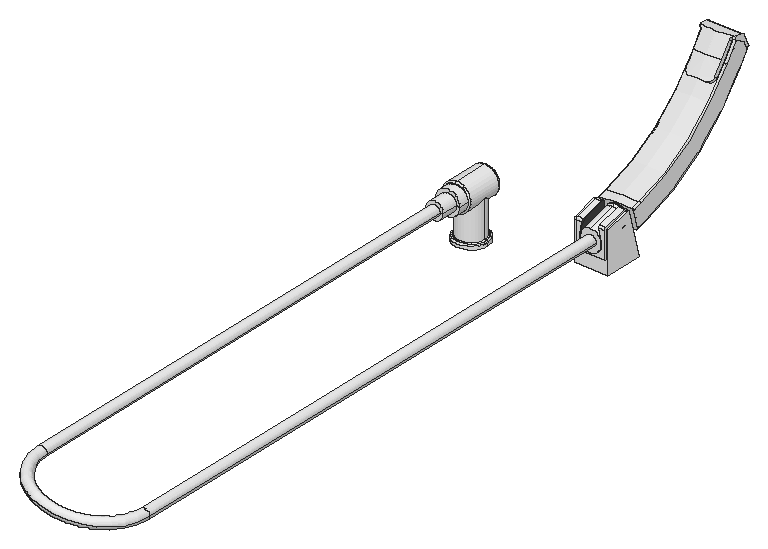
Revit family "Hand-Shower-Set_Transitional_Nexus_TS794F2_TOTO", category Plumbing Fixtures, host Face, Revit 2013
Parameters
  ecoScorecard_data = " "
  ecoScorecard Product Page = "  "
  Width = 0' - 6 5/8"  # constant formula
  Waste Connection = no
  Warranty URL = "http://www.totousa.com/warranty-registration"
  Warranty = "Lifetime Limited Warranty (Residential Use); One Year Limited (Commercial Use)"  # constant formula
  WFU = 0
  Vent Connection = no
  URL = "http://www.totousa.com"
  Toto BIM Number = "BM-00214"  # constant formula
  Tempered Water Connector = "Tempered Water Connection"  # constant formula
  TW Connector = yes
  Tempered Water Connection NPT = 1/2"
  Subcategory = "Showers"  # constant formula
  Style = "Transitional"  # constant formula
  Spec Sheet URL = "http://assets.totousa.com/product-files/SS-00130_TS794F2.pdf"
  Shipping Weight = 3.90 lbf
  Series = "Nexus"  # constant formula
  Product Page URL = " "
  Parts Manual URL = " "
  Owners Manual URL = "  "
  Model = "TS794F2"  # constant formula
  Manufacturer Toll Free Phone = "1-888-295-8134"  # constant formula
  Manufacturer Phone = "(770) 282-8686"  # constant formula
  Manufacturer Fax = "(770) 282-0002"  # constant formula
  Manufacturer Email = "mailto:custservice@totousa.com "
  Manufacturer Address = "1155 Southern Road, Morrow, Georgia 30260"  # constant formula
  Manufacturer = "TOTO USA, Inc."  # constant formula
  Installation URL = " "
  Height = Distance from Center of Handshower Holder to Connection + 0' 7.5748" + 0' 0.92126"  # 0' - 10.49997"
  HWFU = 0
  HW Connection = no
  Flow Rate = 3.000 GPM
  Flexible Hose Main Length [instance] = (5' 0" - ((Distance from Center of Handshower Holder to Connection - 0' 0.97244") + 0' 7.94488" - 0' 0.92126")) / 2  # 2' - 1.97246"
  Finish = Metal - TOTO - Chrome - Polished
  Distance from Center of Handshower Holder to Connection = 0' - 2 1/256"  # constant formula
  Description = "Handshower Set"  # constant formula
  Depth = 0' - 7 1/32"  # constant formula
  Default Elevation = 4' - 0"
  Cost Info = "mailto:custservice@totousa.com "
  Color Availability = "#CP Polished Chrome"  # constant formula
  CWFU = 0
  CW Connection = no
  CAD Drawing URL = "http://assets.totousa.com/product-files/AD-00068_TS794F2.dxf"
  Assembly Code = "D2010710"
  95 CSI = "15416"  # constant formula
  04 CSI = "22 41 39"  # constant formula
Reference planes (in)
  plane 1 "Center (Front/Back)": y = 0
  plane 2: z = 0
  plane 3 "Center (Left/Right)": x = 0
  plane 4: z = 7.03125
  plane 5: x = 3.3125
  plane 6: x = -3.3125
  plane 7: y = 18.07884
  plane 8: z = 2.2126
  plane 9: z = 9.24385
  plane 10: y = 7.57887
Dimensions and locks (in)
  equal spacing: plane 6, plane 3 "Center (Left/Right)", plane 5
  "Width": plane 6 to plane 5
  "Depth": plane 9 to plane 8
  "Height": plane 10 to plane 7
  aligned and locked: plane 2 to host face
  aligned and locked: level to host face
Automatic sketch dimensions
  host sketch curve to host sketch curve = 8' - 0"  (x2)
Nested families (in)
  nested 1: "TS794F2" at (2.47274, 10.50403, 0), Distance from Center of Handshower Holder to Connection <- "Distance from Center of Handshower Holder to Connection", type "Polished Chrome"
    with Nominal Height 0' - 10.49997", Flexible Hose Main Length 2' - 1.97246", Distance from Center of Handshower Holder to Connection 0' - 2 1/256"
Connectors (in)
  piping at (-2.49459, 8.50013, -0.125), driven by "CWFU", driven by "TW Connector", driven by "TW Connector", driven by "Tempered Water Connector", driven by "Tempered Water Connection NPT"
    settings: on nested 1, index 2, connector radius 1/2", flow factor 0, pipe flow 0.000 GPM, pressure drop 0.00 psi, fitting loss kfactor 0, connector angle 0.00°, fixture units 0, engagement length 0' - 0", flow configuration 3, flow direction 1, fitting loss method 0, system type 22, joint type 0, gender type 0, connector reference index -1, connector utility 1, adjustable connector yes, is connector primary yes, fitting loss table "", connector description "Tempered Water Connection"
Definition of nested family "TS794F2"
  Parameters (values of type "Polished Chrome")
    Waste Connection = no
    WFU = 0
    Vent Connection = no
    URL = "http://www.totousa.com"
    Tempered Water Connection Radius = 1/2"
    Nominal Width = 0' - 6 5/8"
    Nominal Height [instance] = Distance from Center of Handshower Holder to Connection + 0' 7.5748" + 0' 0.92126"  # 0' - 10.49997"
    Nominal Depth = 0' - 7 1/32"
    Model = ""
    Manufacturer = ""
    HWFU = 0
    HW Connection = yes
    Flexible Hose Main Length [instance] = (5' 0" - ((Distance from Center of Handshower Holder to Connection - 0' 0.97244") + 0' 7.94488" - 0' 0.92126")) / 2  # 2' - 1.97246"
    Finish = Metal - TOTO - Chrome - Polished
    Distance from Center of Handshower Holder to Connection [instance] = 0' - 2 1/256"
    Description = ""
    Default Elevation = 4' - 0"
    CWFU = 0
    CW Connection = yes
    Assembly Code = ""
  Reference planes (in)
    plane 1 "Center (Front/Back)": y = 0
    plane 2: z = 0
    plane 3 "Center (Left/Right)": x = 0
    plane 4: x = -4.96732
    plane 5: y = -2.00391
    plane 6: through (0, -0.66971, 1.32245) normal (0, -0.2669, 0.9637)
    plane 7: z = 7.03125
    plane 8: z = 1.25004
    plane 9: y = -27.97636
    plane 10: y = -2.9253
    plane 11: z = -0.125
    plane 12: y = 7.5748
    plane 13: z = 2.2126
    plane 14: through (0, -1.14804, -0.57483) normal (0, -0.9637, -0.2669)
    plane 15: through (0, 1.15923, 0.06422) normal (0, -0.9637, -0.2669)
    plane 16: through (0, 6.11221, 3.13647) normal (0, -0.259, 0.9659)
    plane 17: x = -5.77047
    plane 18: x = 0.83976
    plane 19: x = -1.23346
    plane 20: through (0, 7.34539, 7.88581) normal (0, 0.5592, 0.829)
    plane 21: through (0, 5.85575, 8.28232) normal (0, 0.829, -0.5592)
    plane 22: through (0, 7.65091, 7.07147) normal (0, 0.829, -0.5592)
  Forms (in)
    Extrusion 1, solid
      sketch origin (0, 0, 0) x (1, 0, 0) y (0, 1, 0)
        loop
          line (-48, 48) -> (-48, -48) -> (48, -48) -> (48, 48) -> (-48, 48)
      from 0 to -12
    Extrusion 2, solid, material "Metal - TOTO - Chrome - Polished" <- "Finish", detail levels fine
      sketch origin (0, 0, 0) x (0, 1, 0) y (0, 0, 1)
        loop
          line (-0.92717, 0) -> (0.92717, 0) -> (0.3355, 2.20687)
          arc (0.3355, 2.20687) -> (0.29856, 2.25481) -> (0.23851, 2.26238) r 0.07874
          line (0.23851, 2.26238) -> (-0.86936, 1.95689)
          arc (-0.86936, 1.95689) -> (-0.91107, 1.92869) -> (-0.92717, 1.88098) r 0.07874
          line (-0.92717, 1.88098) -> (-0.92717, 0)
      from -0.80906 to 0.80906
    Revolve 3, solid, material "Metal - TOTO - Chrome - Polished" <- "Finish", detail levels fine
      sketch origin (-8.91614, -2.00391, 48) x (-1, 0, 0) y (0, 0, 1)
        loop
          line (-3.94882, -48) -> (-3.94882, -45.7874) -> (-4.60236, -45.7874) -> (-4.60236, -47.75906)
          arc (-4.60236, -47.75906) -> (-4.61389, -47.78689) -> (-4.64173, -47.79843) r 0.03937
          line (-4.64173, -47.79843) -> (-4.71291, -47.79843)
          arc (-4.71291, -47.79843) -> (-4.74053, -47.80987) -> (-4.75197, -47.83749) r 0.03906
          line (-4.75197, -47.83749) -> (-4.75197, -48) -> (-3.94882, -48)
        axis (-3.94882, -48) -> (-3.94882, -45.7874)
      angle from 0 to 360
    Revolve 4, solid, material "Metal - TOTO - Chrome - Polished" <- "Finish", detail levels fine
      sketch origin (-4.96732, -4.08091, 48) x (0, -1, 0) y (0, 0, 1)
        loop
          arc (-2.91339, -45.10599) -> (-2.9502, -45.11886) -> (-2.97096, -45.15187) r 0.05906
          arc (-2.97096, -45.15187) -> (-3.02474, -45.46762) -> (-3.04275, -45.7874) r 2.84939
          line (-3.04275, -45.7874) -> (-1.1556, -45.7874) -> (-1.1556, -45.16504)
          arc (-1.1556, -45.16504) -> (-1.1729, -45.12328) -> (-1.21466, -45.10599) r 0.05906
          line (-1.21466, -45.10599) -> (-2.91339, -45.10599)
        axis (-3.04275, -45.7874) -> (-1.1556, -45.7874)
      angle from 0 to 360
    Extrusion 5, solid, material "Metal - TOTO - Chrome - Polished" <- "Finish", detail levels fine
      sketch origin (0, 0, 0) x (0, 1, 0) y (0, 0, 1)
        loop
          line (-0.97047, 0.63386) -> (-0.92717, 0.63386) -> (0.65566, 0.9234) -> (0.69057, 0.93307) -> (0.32787, 2.24258)
          arc (0.32787, 2.24258) -> (0.28185, 2.30176) -> (0.2075, 2.31137) r 0.09843
          line (0.2075, 2.31137) -> (-0.89756, 2.01483)
          arc (-0.89756, 2.01483) -> (-0.95014, 1.97967) -> (-0.97047, 1.91976) r 0.09843
          line (-0.97047, 1.91976) -> (-0.97047, 0.63386)
      from -0.69094 to 0.69094
    Revolve 6, solid, material "Metal - TOTO - Chrome - Polished" <- "Finish", detail levels fine
      sketch origin (0.01596, 2.75591, 2.2126) x (0, -1, 0) y (1, 0, 0)
        loop
          line (5.68121, -4.98328) -> (6.96074, -4.98328) -> (6.96074, -4.56989) -> (6.16152, -4.56989) -> (6.16152, -4.4006) -> (5.68121, -4.4006) -> (5.68121, -4.98328)
        axis (5.68121, -4.98328) -> (6.96074, -4.98328)
      angle from 0 to 360
    Extrusion 7, void
      sketch origin (0, 1.15923, 0.06422) x (0, -0.266872, 0.963732) y (1, 0, 0)
        loop
          line (2.5492, -0.3761) -> (2.5492, 0.3761) -> (1.77606, 0.51359)
          arc (1.77606, 0.51359) -> (1.16306, 0) -> (1.77606, -0.51359) r 0.52165
          line (1.77606, -0.51359) -> (2.5492, -0.3761)
      from -2.39413 to 0
    Revolve 8, solid, material "Metal - TOTO - Chrome - Polished" <- "Finish", detail levels fine
      sketch origin (0, 0, 0) x (0, 1, 0) y (0, 0, 1)
        loop
          line (0.70534, 1.7033) -> (-1.60193, 1.06425) -> (-1.46534, 0.571) -> (0.6301, 1.15138) -> (0.76151, 1.18034) -> (0.79252, 1.19681) -> (0.84193, 1.21005) -> (0.70534, 1.7033)
        axis (-1.60196, 1.06425) -> (0.70534, 1.7033)
      angle from 0 to 360
    Extrusion 9, void
      sketch origin (0, 0, 0) x (0, -1, 0) y (0, 0, 1)
        loop
          line (2.00391, 0) -> (2.00391, 2.2126) -> (0.97047, 2.2126) -> (0.97047, 0) -> (2.00391, 0)
      from -0.83976 to 0.80906
    Sweep 10, solid, material "Plastic - TOTO - White", detail levels fine
      path origin (0, 0, 0) x (0, 1, 0) y (0, 0, 1)
        loop
          line (0.70534, 1.7033) -> (1.13014, 1.82096)
          arc (1.13014, 1.82096) -> (4.22526, 3.30462) -> (6.61515, 5.76824) r 9.75781
          line (6.61515, 5.76824) -> (7.75433, 7.4687)
      profile origin (0, 0.91774, 1.76213) x (0, -0.266923, 0.963718) y (1, 0, 0)
        loop
          line (-0.44094, -0.83858) -> (0.44234, -0.83858)
          arc (0.44234, -0.83858) -> (0.49365, -0.81957) -> (0.52018, -0.77171) r 0.07874
          arc (0.52018, -0.77171) -> (0.57874, 0.00059) -> (0.52018, 0.7729) r 5.12234
          arc (0.52018, 0.7729) -> (0.49365, 0.82075) -> (0.44234, 0.83976) r 0.07874
          line (0.44234, 0.83976) -> (-0.44094, 0.83976)
          arc (-0.44094, 0.83976) -> (-0.49214, 0.82085) -> (-0.51874, 0.77318) r 0.07874
          arc (-0.51874, 0.77318) -> (-0.57874, 0.00059) -> (-0.51874, -0.772) r 5.00404
          arc (-0.51874, -0.772) -> (-0.49214, -0.81966) -> (-0.44094, -0.83858) r 0.07874
    Extrusion 11, void
      sketch origin (0, 0, 0) x (0, -1, 0) y (0, 0, 1)
        loop
          line (-7.61092, 5.85015) -> (-7.31526, 6.47559)
          arc (-7.31526, 6.47559) -> (-7.30025, 6.49871) -> (-7.27966, 6.51704) r 0.1032
          line (-7.27966, 6.51704) -> (-6.60173, 6.97431) -> (-6.60173, 7.90572) -> (-8.44028, 7.90572) -> (-8.44028, 5.85015) -> (-7.61092, 5.85015)
      from -0.83976 to 1.23346
    Sweep 12, solid, material "Plastic - TOTO - White", detail levels fine
      path origin (0, 0, 0) x (0, 1, 0) y (0, 0, 1)
        loop
          line (7.75433, 7.45714) -> (6.65357, 5.8252)
          arc (6.65357, 5.8252) -> (6.14611, 5.13794) -> (5.58108, 4.49718) r 9.86325
      profile origin (0, 7.20395, 6.64117) x (0, 0.829038, -0.559193) y (1, 0, 0)
        loop
          arc (-0.64322, 0.7729) -> (-0.70177, 0.00059) -> (-0.64322, -0.77171) r 5.12234
          arc (-0.64322, -0.77171) -> (-0.61669, -0.81957) -> (-0.56538, -0.83858) r 0.07874
          line (-0.56538, -0.83858) -> (0.44094, -0.83858)
          arc (0.44094, -0.83858) -> (0.49214, -0.81966) -> (0.51874, -0.772) r 0.07874
          arc (0.51874, -0.772) -> (0.57874, 0.00059) -> (0.51874, 0.77318) r 5.00404
          arc (0.51874, 0.77318) -> (0.49214, 0.82085) -> (0.44094, 0.83976) r 0.07874
          line (0.44094, 0.83976) -> (-0.56538, 0.83976)
          arc (-0.56538, 0.83976) -> (-0.61669, 0.82075) -> (-0.64322, 0.7729) r 0.07874
    Extrusion 13, void
      sketch origin (0, 0, 0) x (0, -1, 0) y (0, 0, 1)
        loop
          line (-7.69103, 5.89498) -> (-7.2647, 6.82558)
          arc (-7.2647, 6.82558) -> (-7.19622, 6.91218) -> (-7.09458, 6.9553) r 0.22294
          line (-7.09458, 6.9553) -> (-6.49354, 7.03782) -> (-7.15303, 8.01556) -> (-8.50588, 7.10305) -> (-7.69103, 5.89498)
      from -0.83976 to 1.23346
    Extrusion 14, void
      sketch origin (0, 0, 0) x (0, -1, 0) y (0, 0, 1)
        loop
          line (-7.60896, 5.84273) -> (-6.00405, 3.86083) -> (-5.12028, 4.68496)
          arc (-5.12028, 4.68496) -> (-5.72843, 5.34308) -> (-6.27169, 6.05569) r 9.47591
          line (-6.27169, 6.05569) -> (-6.78284, 6.84059) -> (-7.27966, 6.51704)
          arc (-7.27966, 6.51704) -> (-7.30025, 6.49871) -> (-7.31526, 6.47559) r 0.1032
          line (-7.31526, 6.47559) -> (-7.60896, 5.84273)
      from -0.83976 to 1.23346
    Extrusion 15, void
      sketch origin (0, 5.85575, 8.28232) x (0, -0.559193, -0.829038) y (1, 0, 0)
        loop
          line (2.28408, -0.68445) -> (0.75557, -0.68445)
          arc (0.75557, -0.68445) -> (0.69989, -0.70751) -> (0.67683, -0.76319) r 0.07874
          line (0.67683, -0.76319) -> (0.67683, -1.57408) -> (3.32857, -1.57408) -> (3.32857, 1.57553) -> (0.67683, 1.57553) -> (0.67683, 0.76437)
          arc (0.67683, 0.76437) -> (0.69989, 0.70869) -> (0.75557, 0.68563) r 0.07874
          line (0.75557, 0.68563) -> (2.28408, 0.68563)
          arc (2.28408, 0.68563) -> (2.47895, 0.60491) -> (2.55967, 0.41004) r 0.27559
          line (2.55967, 0.41004) -> (2.55967, -0.40886)
          arc (2.55967, -0.40886) -> (2.47895, -0.60373) -> (2.28408, -0.68445) r 0.27559
      from -2.16535 to 0
    Sweep 16, solid, material "Metal - TOTO - Chrome - Polished" <- "Finish"
      path origin (-0.07505, 2.75591, 1.26458) x (0, -1, 0) y (0.981738, 0, -0.19024)
        loop
          line (6.96074, -4.98328) -> (30.73227, -4.98328)
          arc (30.73227, -4.98328) -> (33.2618, -2.45375) -> (30.73227, 0.07577) r 2.52953
          line (30.73227, 0.07577) -> (3.72638, 0.07577)
      profile origin (-4.96732, -16.0906, 2.2126) x (0.981738, 0, -0.19024) y (0.19024, 0, 0.981738)
        loop
          circle (0, 0) r 0.24803
    Extrusion 17, solid, material "Metal - TOTO - Chrome - Polished" <- "Finish", detail levels coarse+medium
      sketch origin (0.01596, 2.75591, 2.2126) x (0, -1, 0) y (1, 0, 0)
        loop
          line (3.67621, -5.84534) -> (5.75719, -5.84534) -> (5.75719, -5.6657) -> (6.25719, -5.6657) -> (6.25719, -5.47494) -> (7.00719, -5.47494) -> (7.00719, -4.48709) -> (6.25719, -4.48709) -> (6.25719, -4.29633) -> (5.75719, -4.29633) -> (5.75719, -4.11669) -> (3.67621, -4.11669) -> (3.67621, -5.84534)
      from -2.2126 to 0.77449
    Extrusion 18, solid, material "Metal - TOTO - Chrome - Polished" <- "Finish", detail levels coarse+medium
      sketch origin (0, 0, 0) x (0, 1, 0) y (0, 0, 1)
        loop
          arc (6.67866, 7.53288) -> (4.12576, 4.33744) -> (0.5, 2.44481) r 9.91174
          arc (0.5, 2.44481) -> (-0.26648, 2.24903) -> (-1.04122, 2.08899) r 17.05814
          line (-1.04122, 2.08899) -> (-1.04122, 0) -> (1.02519, 0) -> (1.02519, 1)
          arc (1.02519, 1) -> (5.04781, 2.91225) -> (7.78771, 6.42383) r 9.67635
          line (7.78771, 6.42383) -> (6.67866, 7.53288)
      from -0.95506 to 1.01931
    Extrusion 19, solid, material "Metal - TOTO - Chrome - Polished" <- "Finish", detail levels fine
      sketch origin (0, 0, 0) x (1, 0, 0) y (0, 1, 0)
        loop
          circle (-4.96732, -2.00391) r 0.5
      from -0.125 to 0
  Cuts and joins
    joined: Revolve 3, Revolve 4
    Extrusion 7 cuts Extrusion 2
    Extrusion 7, Extrusion 9 cuts Extrusion 5
    Extrusion 9 cuts Revolve 8
    Extrusion 13, Extrusion 14, Extrusion 15 cuts Sweep 12
    Extrusion 11 cuts Sweep 10
  Lines and regions (in)
    symbolic lines, detail levels fine
      curve 1: spline (-0.77652, 7.54318, 2.2126) -> (-0.64811, 7.55221, 2.2126) -> (-0.51909, 7.55961, 2.2126) -> (-0.38959, 7.56538, 2.2126) -> (-0.25973, 7.5695, 2.2126) -> (-0.12963, 7.57197, 2.2126) -> (0.00059, 7.5728, 2.2126) -> (0.13081, 7.57197, 2.2126) -> (0.26091, 7.5695, 2.2126) -> (0.39077, 7.56538, 2.2126) -> (0.52027, 7.55961, 2.2126) -> (0.64929, 7.55221, 2.2126) -> (0.7777, 7.54318, 2.2126)
      curve 2: spline (0.7777, 7.54318, 2.2126) -> (0.78685, 7.54171, 2.2126) -> (0.79555, 7.53984, 2.2126) -> (0.80371, 7.53758, 2.2126) -> (0.81123, 7.53496, 2.2126) -> (0.818, 7.53201, 2.2126) -> (0.82396, 7.52877, 2.2126) -> (0.82903, 7.52528, 2.2126) -> (0.83315, 7.52158, 2.2126) -> (0.83627, 7.51771, 2.2126) -> (0.83835, 7.51372, 2.2126) -> (0.83936, 7.50966, 2.2126) -> (0.8393, 7.50558, 2.2126)
      curve 3: line (0.83977, 6.69595, 2.2126) -> (0.83977, 7.50557, 2.2126)
      curve 4: spline (0.83945, 6.76443, 2.2126) -> (0.83933, 6.75496, 2.2126) -> (0.83815, 6.74557, 2.2126) -> (0.83592, 6.73637, 2.2126) -> (0.83266, 6.72747, 2.2126) -> (0.82842, 6.71899, 2.2126) -> (0.82325, 6.71103, 2.2126) -> (0.81722, 6.70369, 2.2126) -> (0.81039, 6.69707, 2.2126) -> (0.80286, 6.69124, 2.2126) -> (0.79473, 6.68628, 2.2126) -> (0.78608, 6.68225, 2.2126) -> (0.77703, 6.67921, 2.2126)
      curve 5: spline (0.77703, 6.67921, 2.2126) -> (0.64857, 6.65928, 2.2126) -> (0.5196, 6.64294, 2.2126) -> (0.39021, 6.63023, 2.2126) -> (0.26051, 6.62114, 2.2126) -> (0.1306, 6.61568, 2.2126) -> (0.00059, 6.61386, 2.2126) -> (-0.12942, 6.61568, 2.2126) -> (-0.25933, 6.62114, 2.2126) -> (-0.38903, 6.63023, 2.2126) -> (-0.51842, 6.64294, 2.2126) -> (-0.64739, 6.65928, 2.2126) -> (-0.77585, 6.67921, 2.2126)
      curve 6: spline (-0.77585, 6.67921, 2.2126) -> (-0.7849, 6.68225, 2.2126) -> (-0.79354, 6.68628, 2.2126) -> (-0.80168, 6.69124, 2.2126) -> (-0.80921, 6.69707, 2.2126) -> (-0.81604, 6.70369, 2.2126) -> (-0.82207, 6.71103, 2.2126) -> (-0.82724, 6.71899, 2.2126) -> (-0.83148, 6.72747, 2.2126) -> (-0.83474, 6.73637, 2.2126) -> (-0.83697, 6.74557, 2.2126) -> (-0.83815, 6.75496, 2.2126) -> (-0.83827, 6.76443, 2.2126)
      curve 7: line (-0.83858, 7.50557, 2.2126) -> (-0.83858, 6.69597, 2.2126)
      curve 8: line (0.83977, 7.09458, 2.2126) -> (-0.83858, 7.09458, 2.2126)
      curve 9: line (-0.83858, 7.2647, 2.2126) -> (0.83977, 7.2647, 2.2126)
      curve 10: spline (-0.83812, 7.50558, 2.2126) -> (-0.83818, 7.50966, 2.2126) -> (-0.83717, 7.51372, 2.2126) -> (-0.83509, 7.51771, 2.2126) -> (-0.83197, 7.52158, 2.2126) -> (-0.82785, 7.52528, 2.2126) -> (-0.82278, 7.52877, 2.2126) -> (-0.81682, 7.53201, 2.2126) -> (-0.81004, 7.53496, 2.2126) -> (-0.80253, 7.53758, 2.2126) -> (-0.79437, 7.53984, 2.2126) -> (-0.78567, 7.54171, 2.2126) -> (-0.77652, 7.54318, 2.2126)
      curve 11: spline (-0.83858, 6.69597, 2.2126) -> (-0.838, 6.68801, 2.2126) -> (-0.83624, 6.68016, 2.2126) -> (-0.83335, 6.67255, 2.2126) -> (-0.82936, 6.66529, 2.2126) -> (-0.82434, 6.65849, 2.2126) -> (-0.81835, 6.65225, 2.2126) -> (-0.81149, 6.64666, 2.2126) -> (-0.80386, 6.6418, 2.2126) -> (-0.79557, 6.63775, 2.2126) -> (-0.78675, 6.63457, 2.2126) -> (-0.77753, 6.63231, 2.2126) -> (-0.76805, 6.63099, 2.2126)
      curve 12: spline (-0.76805, 6.63099, 2.2126) -> (-0.75759, 6.6297, 2.2126) -> (-0.74723, 6.62763, 2.2126) -> (-0.73714, 6.62483, 2.2126) -> (-0.72751, 6.62135, 2.2126) -> (-0.7185, 6.61725, 2.2126) -> (-0.71028, 6.6126, 2.2126) -> (-0.703, 6.60749, 2.2126) -> (-0.69678, 6.60201, 2.2126) -> (-0.69174, 6.59625, 2.2126) -> (-0.68796, 6.59033, 2.2126) -> (-0.68552, 6.58433, 2.2126) -> (-0.68445, 6.57838, 2.2126)
      curve 13: line (-0.68445, 5.69826, 2.2126) -> (-0.68445, 6.57838, 2.2126)
      curve 14: spline (-0.68445, 5.69826, 2.2126) -> (-0.68161, 5.67495, 2.2126) -> (-0.67429, 5.65179, 2.2126) -> (-0.66261, 5.62914, 2.2126) -> (-0.64675, 5.60738, 2.2126) -> (-0.62698, 5.58686, 2.2126) -> (-0.6036, 5.5679, 2.2126) -> (-0.57701, 5.55082, 2.2126) -> (-0.54764, 5.5359, 2.2126) -> (-0.51595, 5.52337, 2.2126) -> (-0.48247, 5.51344, 2.2126) -> (-0.44773, 5.50627, 2.2126) -> (-0.41231, 5.50198, 2.2126)
      curve 15: spline (-0.41231, 5.50198, 2.2126) -> (-0.34387, 5.49775, 2.2126) -> (-0.27537, 5.49429, 2.2126) -> (-0.20683, 5.49159, 2.2126) -> (-0.13824, 5.48966, 2.2126) -> (-0.06963, 5.48849, 2.2126) -> (-0.00101, 5.48809, 2.2126) -> (0.06762, 5.48845, 2.2126) -> (0.13623, 5.48958, 2.2126) -> (0.20482, 5.49148, 2.2126) -> (0.27337, 5.49415, 2.2126) -> (0.34187, 5.49757, 2.2126) -> (0.41031, 5.50177, 2.2126)
      curve 16: spline (0.41031, 5.50177, 2.2126) -> (0.44585, 5.50678, 2.2126) -> (0.48077, 5.51456, 2.2126) -> (0.51449, 5.52498, 2.2126) -> (0.54644, 5.53788, 2.2126) -> (0.57612, 5.55304, 2.2126) -> (0.60303, 5.57021, 2.2126) -> (0.62673, 5.58911, 2.2126) -> (0.64683, 5.60943, 2.2126) -> (0.663, 5.63084, 2.2126) -> (0.67497, 5.65298, 2.2126) -> (0.68256, 5.67549, 2.2126) -> (0.68563, 5.69801, 2.2126)
      curve 17: line (0.68563, 6.57828, 2.2126) -> (0.68563, 5.69801, 2.2126)
      curve 18: spline (0.76884, 6.63088, 2.2126) -> (0.77836, 6.63216, 2.2126) -> (0.78763, 6.6344, 2.2126) -> (0.79649, 6.63757, 2.2126) -> (0.80482, 6.64161, 2.2126) -> (0.8125, 6.64646, 2.2126) -> (0.8194, 6.65206, 2.2126) -> (0.82543, 6.65832, 2.2126) -> (0.83048, 6.66515, 2.2126) -> (0.8345, 6.67243, 2.2126) -> (0.83741, 6.68007, 2.2126) -> (0.83917, 6.68795, 2.2126) -> (0.83977, 6.69595, 2.2126)
      curve 19: spline (0.68563, 6.57828, 2.2126) -> (0.68666, 6.58428, 2.2126) -> (0.68907, 6.59031, 2.2126) -> (0.69281, 6.59626, 2.2126) -> (0.69781, 6.60204, 2.2126) -> (0.70399, 6.60753, 2.2126) -> (0.71123, 6.61264, 2.2126) -> (0.71941, 6.61728, 2.2126) -> (0.72838, 6.62136, 2.2126) -> (0.73799, 6.62482, 2.2126) -> (0.74805, 6.62759, 2.2126) -> (0.7584, 6.62962, 2.2126) -> (0.76884, 6.63088, 2.2126)
      curve 20: line (-0.83858, 6.69597, 2.2126) -> (-0.83858, 0.58727, 2.2126)
      curve 21: spline (-0.77171, 0.56649, 2.2126) -> (-0.78082, 0.56701, 2.2126) -> (-0.78963, 0.56781, 2.2126) -> (-0.79802, 0.56889, 2.2126) -> (-0.80588, 0.57022, 2.2126) -> (-0.8131, 0.57179, 2.2126) -> (-0.81957, 0.57357, 2.2126) -> (-0.82521, 0.57555, 2.2126) -> (-0.82993, 0.57769, 2.2126) -> (-0.83368, 0.57996, 2.2126) -> (-0.83639, 0.58234, 2.2126) -> (-0.83803, 0.58479, 2.2126) -> (-0.83858, 0.58727, 2.2126)
      curve 22: spline (0.7729, 0.56649, 2.2126) -> (0.64493, 0.56172, 2.2126) -> (0.51655, 0.55781, 2.2126) -> (0.38785, 0.55477, 2.2126) -> (0.2589, 0.5526, 2.2126) -> (0.12979, 0.5513, 2.2126) -> (0.00059, 0.55086, 2.2126) -> (-0.12861, 0.5513, 2.2126) -> (-0.25772, 0.5526, 2.2126) -> (-0.38667, 0.55477, 2.2126) -> (-0.51537, 0.55781, 2.2126) -> (-0.64375, 0.56172, 2.2126) -> (-0.77171, 0.56649, 2.2126)
      curve 23: spline (0.83976, 0.58727, 2.2126) -> (0.83921, 0.58479, 2.2126) -> (0.83757, 0.58234, 2.2126) -> (0.83486, 0.57996, 2.2126) -> (0.83111, 0.57769, 2.2126) -> (0.82639, 0.57555, 2.2126) -> (0.82075, 0.57357, 2.2126) -> (0.81428, 0.57179, 2.2126) -> (0.80706, 0.57022, 2.2126) -> (0.7992, 0.56889, 2.2126) -> (0.79081, 0.56781, 2.2126) -> (0.782, 0.56701, 2.2126) -> (0.7729, 0.56649, 2.2126)
      curve 24: line (0.83976, 0.58727, 2.2126) -> (0.83976, 6.69595, 2.2126)
      curve 25: line (-0.80905, -0.92717, 2.2126) -> (-0.80905, 0.57086, 2.2126)
      curve 26: line (-0.80905, -0.92717, 2.2126) -> (-0.69094, -0.92717, 2.2126)
      curve 27: line (-0.69094, -0.92717, 2.2126) -> (-0.69094, -0.97047, 2.2126)
      curve 28: line (-0.69094, -0.97047, 2.2126) -> (0.69094, -0.97047, 2.2126)
      curve 29: line (0.69094, -0.97047, 2.2126) -> (0.69094, -0.92717, 2.2126)
      curve 30: line (0.69094, -0.92717, 2.2126) -> (0.80906, -0.92717, 2.2126)
      curve 31: line (0.80906, -0.92717, 2.2126) -> (0.80906, 0.57061, 2.2126)
      curve 32: line (0.69094, 0.56333, 2.2126) -> (0.69094, -0.92717, 2.2126)
      curve 33: line (-0.69094, -0.92717, 2.2126) -> (-0.69094, 0.56338, 2.2126)
      curve 34: line (-0.41664, 0.32787, 2.2126) -> (-0.51359, 0.47338, 2.2126)
      curve 35: spline (-0.39914, 0.21066, 2.2126) -> (-0.39939, 0.22314, 2.2126) -> (-0.39992, 0.23576, 2.2126) -> (-0.40072, 0.24832, 2.2126) -> (-0.40177, 0.26061, 2.2126) -> (-0.40306, 0.27244, 2.2126) -> (-0.40457, 0.28361, 2.2126) -> (-0.40627, 0.29394, 2.2126) -> (-0.40814, 0.30327, 2.2126) -> (-0.41015, 0.31144, 2.2126) -> (-0.41225, 0.31832, 2.2126) -> (-0.41443, 0.3238, 2.2126) -> (-0.41664, 0.32779, 2.2126)
      curve 36: line (-0.39751, -0.89987, 2.2126) -> (-0.39914, 0.21066, 2.2126)
      curve 37: spline (-0.41035, -0.97043, 2.2126) -> (-0.40858, -0.96993, 2.2126) -> (-0.40689, -0.9683, 2.2126) -> (-0.40529, -0.96556, 2.2126) -> (-0.4038, -0.96174, 2.2126) -> (-0.40243, -0.95688, 2.2126) -> (-0.40121, -0.95104, 2.2126) -> (-0.40014, -0.94429, 2.2126) -> (-0.39924, -0.9367, 2.2126) -> (-0.39852, -0.92836, 2.2126) -> (-0.39799, -0.91938, 2.2126) -> (-0.39765, -0.90984, 2.2126) -> (-0.39751, -0.89987, 2.2126)
      curve 38: spline (0.39751, -0.89987, 2.2126) -> (0.39765, -0.90984, 2.2126) -> (0.39799, -0.91938, 2.2126) -> (0.39852, -0.92836, 2.2126) -> (0.39924, -0.9367, 2.2126) -> (0.40014, -0.94429, 2.2126) -> (0.40121, -0.95104, 2.2126) -> (0.40243, -0.95688, 2.2126) -> (0.4038, -0.96174, 2.2126) -> (0.40529, -0.96556, 2.2126) -> (0.40689, -0.9683, 2.2126) -> (0.40858, -0.96993, 2.2126) -> (0.41035, -0.97043, 2.2126)
      curve 39: line (0.39914, 0.21066, 2.2126) -> (0.39751, -0.89987, 2.2126)
      curve 40: spline (0.41664, 0.32779, 2.2126) -> (0.41443, 0.3238, 2.2126) -> (0.41225, 0.31832, 2.2126) -> (0.41015, 0.31144, 2.2126) -> (0.40814, 0.30327, 2.2126) -> (0.40627, 0.29394, 2.2126) -> (0.40457, 0.28361, 2.2126) -> (0.40306, 0.27244, 2.2126) -> (0.40177, 0.26061, 2.2126) -> (0.40072, 0.24832, 2.2126) -> (0.39992, 0.23576, 2.2126) -> (0.39939, 0.22314, 2.2126) -> (0.39914, 0.21066, 2.2126)
      curve 41: line (0.51359, 0.47338, 2.2126) -> (0.41664, 0.32787, 2.2126)
      curve 42: arc (0.51359, 0.47338, 2.2126) -> (0.52712, 0.51809, 2.2126) -> (0.51359, 0.5628, 2.2126) r 0.08063
      curve 43: arc (-0.51359, 0.47338, 2.2126) -> (-0.5263, 0.51561, 2.2126) -> (-0.51333, 0.55776, 2.2126) r 0.07573
      curve 44: arc (-0.52559, 0.50498, 2.2126) -> (0.00023, 0.35964, 2.2126) -> (0.52605, 0.50498, 2.2126) r 1.02379
      curve 45: arc (-0.41806, 0.5628, 2.2126) -> (-0.00106, 0.48445, 2.2126) -> (0.41594, 0.5628, 2.2126) r 1.14883
      curve 46: arc (0.3074, 0.55332, 2.2126) -> (0.00002, 0.51952, 2.2126) -> (-0.30735, 0.55333, 2.2126) r 1.41419
      curve 47: line (-5.55, -2.9253, 2.2126) -> (-5.55, -3.40562, 2.2126)
      curve 48: line (-5.55, -3.40562, 2.2126) -> (-4.38465, -3.40562, 2.2126)
      curve 49: line (-4.38465, -3.40562, 2.2126) -> (-4.38465, -2.9253, 2.2126)
      curve 50: line (-4.38465, -2.9253, 2.2126) -> (-5.55, -2.9253, 2.2126)
      curve 51: line (-5.55, -2.9253, 2.2126) -> (-5.59117, -2.9253, 2.2126)
      curve 52: arc (-5.59117, -2.9253, 2.2126) -> (-5.63264, -2.90812, 2.2126) -> (-5.64982, -2.86665, 2.2126) r 0.05865
      curve 53: line (-5.64982, -2.86665, 2.2126) -> (-5.64982, -1.16679, 2.2126)
      curve 54: arc (-5.64982, -1.16679, 2.2126) -> (-5.63675, -1.12987, 2.2126) -> (-5.60335, -1.10941, 2.2126) r 0.05867
      curve 55: arc (-5.60335, -1.10941, 2.2126) -> (-4.96778, -1.03669, 2.2126) -> (-4.33221, -1.10941, 2.2126) r 2.81398
      curve 56: arc (-4.33221, -1.10941, 2.2126) -> (-4.29872, -1.13076, 2.2126) -> (-4.2861, -1.16842, 2.2126) r 0.05957
      curve 57: line (-4.2861, -1.16842, 2.2126) -> (-4.2861, -2.8665, 2.2126)
      curve 58: arc (-4.2861, -2.8665, 2.2126) -> (-4.30341, -2.90829, 2.2126) -> (-4.34519, -2.92559, 2.2126) r 0.05909
      curve 59: line (-4.34519, -2.92559, 2.2126) -> (-4.38465, -2.9253, 2.2126)
      curve 60: arc (-4.2861, -1.58359, 2.2126) -> (-4.16596, -2.00548, 2.2126) -> (-4.2861, -2.42737, 2.2126) r 0.8008
      curve 61: arc (-5.64982, -1.58246, 2.2126) -> (-5.77137, -2.00231, 2.2126) -> (-5.64982, -2.42215, 2.2126) r 0.78585
      curve 62: line (-5.38071, -4.20483, 2.2126) -> (-5.38071, -3.40562, 2.2126)
      curve 63: line (-5.38071, -4.20483, 2.2126) -> (-4.55394, -4.20483, 2.2126)
      curve 64: line (-4.55394, -4.20483, 2.2126) -> (-4.55394, -3.40562, 2.2126)
      curve 65: line (-4.65747, -4.20483, 2.2126) -> (-4.65747, -27.95434, 2.2126)
      curve 66: arc (-4.65747, -27.95434, 2.2126) -> (-2.41902, -30.19279, 2.2126) -> (-0.18057, -27.95434, 2.2126) r 2.23845
      curve 67: line (-0.18057, -27.95434, 2.2126) -> (-0.18057, -0.97047, 2.2126)
      curve 68: line (0.24757, -0.97047, 2.2126) -> (0.24757, -28.0155, 2.2126)
      curve 69: arc (0.24757, -28.0155, 2.2126) -> (-2.48536, -30.74843, 2.2126) -> (-5.21829, -28.0155, 2.2126) r 2.73293
      curve 70: line (-5.21829, -28.0155, 2.2126) -> (-5.21829, -4.20483, 2.2126)
      curve 71: spline (0.77703, 7.5748, 7.01233) -> (0.64857, 7.5748, 7.01507) -> (0.5196, 7.5748, 7.01731) -> (0.39021, 7.5748, 7.01906) -> (0.26051, 7.5748, 7.0203) -> (0.1306, 7.5748, 7.02105) -> (0.00059, 7.5748, 7.0213) -> (-0.12942, 7.5748, 7.02105) -> (-0.25933, 7.5748, 7.0203) -> (-0.38903, 7.5748, 7.01906) -> (-0.51842, 7.5748, 7.01731) -> (-0.64739, 7.5748, 7.01507) -> (-0.77585, 7.5748, 7.01233)
      curve 72: spline (0.83945, 7.5748, 7.00063) -> (0.83933, 7.5748, 7.00193) -> (0.83815, 7.5748, 7.00322) -> (0.83592, 7.5748, 7.00448) -> (0.83266, 7.5748, 7.00571) -> (0.82842, 7.5748, 7.00687) -> (0.82325, 7.5748, 7.00796) -> (0.81722, 7.5748, 7.00897) -> (0.81039, 7.5748, 7.00988) -> (0.80286, 7.5748, 7.01068) -> (0.79473, 7.5748, 7.01136) -> (0.78608, 7.5748, 7.01191) -> (0.77703, 7.5748, 7.01233)
      curve 73: line (0.83976, 7.5748, 7.00063) -> (0.83976, 7.5748, 6.20586)
      curve 74: line (0.83976, 7.5748, 6.9553) -> (-0.83858, 7.5748, 6.9553)
      curve 75: spline (-0.77585, 7.5748, 7.01233) -> (-0.7849, 7.5748, 7.01191) -> (-0.79354, 7.5748, 7.01136) -> (-0.80168, 7.5748, 7.01068) -> (-0.80921, 7.5748, 7.00988) -> (-0.81604, 7.5748, 7.00897) -> (-0.82207, 7.5748, 7.00796) -> (-0.82724, 7.5748, 7.00687) -> (-0.83148, 7.5748, 7.00571) -> (-0.83474, 7.5748, 7.00448) -> (-0.83697, 7.5748, 7.00322) -> (-0.83815, 7.5748, 7.00193) -> (-0.83827, 7.5748, 7.00063)
      curve 76: line (-0.83858, 7.5748, 6.20431) -> (-0.83858, 7.5748, 7.00063)
      curve 77: line (-0.83858, 7.5748, 6.82558) -> (0.83976, 7.5748, 6.82558)
      curve 78: spline (-0.83812, 7.5748, 6.29978) -> (-0.83818, 7.5748, 6.29087) -> (-0.83717, 7.5748, 6.28201) -> (-0.83509, 7.5748, 6.2733) -> (-0.83197, 7.5748, 6.26486) -> (-0.82785, 7.5748, 6.25678) -> (-0.82278, 7.5748, 6.24915) -> (-0.81682, 7.5748, 6.24208) -> (-0.81004, 7.5748, 6.23565) -> (-0.80253, 7.5748, 6.22993) -> (-0.79437, 7.5748, 6.225) -> (-0.78567, 7.5748, 6.22091) -> (-0.77652, 7.5748, 6.21771)
      curve 79: spline (-0.77652, 7.5748, 6.21771) -> (-0.64811, 7.5748, 6.19799) -> (-0.51909, 7.5748, 6.18183) -> (-0.38959, 7.5748, 6.16925) -> (-0.25973, 7.5748, 6.16026) -> (-0.12963, 7.5748, 6.15485) -> (0.00059, 7.5748, 6.15305) -> (0.13081, 7.5748, 6.15485) -> (0.26091, 7.5748, 6.16026) -> (0.39077, 7.5748, 6.16925) -> (0.52027, 7.5748, 6.18183) -> (0.64929, 7.5748, 6.19799) -> (0.7777, 7.5748, 6.21771)
      curve 80: spline (0.7777, 7.5748, 6.21771) -> (0.78685, 7.5748, 6.22091) -> (0.79555, 7.5748, 6.225) -> (0.80371, 7.5748, 6.22993) -> (0.81123, 7.5748, 6.23565) -> (0.818, 7.5748, 6.24208) -> (0.82396, 7.5748, 6.24915) -> (0.82903, 7.5748, 6.25678) -> (0.83315, 7.5748, 6.26486) -> (0.83627, 7.5748, 6.2733) -> (0.83835, 7.5748, 6.28201) -> (0.83936, 7.5748, 6.29087) -> (0.8393, 7.5748, 6.29978)
      curve 81: spline (0.7671, 7.5748, 6.12394) -> (0.77727, 7.5748, 6.12623) -> (0.78708, 7.5748, 6.12958) -> (0.79639, 7.5748, 6.13397) -> (0.80506, 7.5748, 6.13933) -> (0.81299, 7.5748, 6.14558) -> (0.82004, 7.5748, 6.15264) -> (0.82614, 7.5748, 6.16041) -> (0.83119, 7.5748, 6.16879) -> (0.83513, 7.5748, 6.17764) -> (0.83789, 7.5748, 6.18686) -> (0.83944, 7.5748, 6.19631) -> (0.83976, 7.5748, 6.20586)
      curve 82: spline (0.7671, 7.5748, 6.12394) -> (0.64042, 7.5748, 6.10487) -> (0.51317, 7.5748, 6.08924) -> (0.38546, 7.5748, 6.07707) -> (0.25741, 7.5748, 6.06836) -> (0.12913, 7.5748, 6.06314) -> (0.00073, 7.5748, 6.06139) -> (-0.12767, 7.5748, 6.06312) -> (-0.25595, 7.5748, 6.06834) -> (-0.38401, 7.5748, 6.07703) -> (-0.51172, 7.5748, 6.08919) -> (-0.63897, 7.5748, 6.1048) -> (-0.76565, 7.5748, 6.12386)
      curve 83: spline (-0.83832, 7.5748, 6.20833) -> (-0.83831, 7.5748, 6.19855) -> (-0.83701, 7.5748, 6.18885) -> (-0.83443, 7.5748, 6.17936) -> (-0.83062, 7.5748, 6.17022) -> (-0.82563, 7.5748, 6.16156) -> (-0.81954, 7.5748, 6.15352) -> (-0.81242, 7.5748, 6.14621) -> (-0.8044, 7.5748, 6.13973) -> (-0.79557, 7.5748, 6.13419) -> (-0.78608, 7.5748, 6.12965) -> (-0.77605, 7.5748, 6.12619) -> (-0.76565, 7.5748, 6.12386)
      curve 84: line (0.83976, 7.5748, 6.20586) -> (0.83976, 7.5748, 1.27836)
      curve 85: spline (0.77318, 7.5748, 1.20338) -> (0.78225, 7.5748, 1.20528) -> (0.79103, 7.5748, 1.2082) -> (0.79939, 7.5748, 1.21209) -> (0.80722, 7.5748, 1.2169) -> (0.8144, 7.5748, 1.22257) -> (0.82085, 7.5748, 1.22902) -> (0.82646, 7.5748, 1.23614) -> (0.83116, 7.5748, 1.24386) -> (0.83488, 7.5748, 1.25206) -> (0.83758, 7.5748, 1.26062) -> (0.83922, 7.5748, 1.26942) -> (0.83976, 7.5748, 1.27836)
      curve 86: spline (-0.772, 7.5748, 1.20338) -> (-0.64402, 7.5748, 1.18574) -> (-0.51562, 7.5748, 1.17129) -> (-0.38687, 7.5748, 1.16004) -> (-0.25786, 7.5748, 1.152) -> (-0.12868, 7.5748, 1.14717) -> (0.00059, 7.5748, 1.14556) -> (0.12986, 7.5748, 1.14717) -> (0.25904, 7.5748, 1.152) -> (0.38805, 7.5748, 1.16004) -> (0.5168, 7.5748, 1.17129) -> (0.6452, 7.5748, 1.18574) -> (0.77318, 7.5748, 1.20338)
      curve 87: spline (-0.83858, 7.5748, 1.27836) -> (-0.83804, 7.5748, 1.26942) -> (-0.8364, 7.5748, 1.26062) -> (-0.8337, 7.5748, 1.25206) -> (-0.82998, 7.5748, 1.24386) -> (-0.82527, 7.5748, 1.23614) -> (-0.81966, 7.5748, 1.22902) -> (-0.81322, 7.5748, 1.22257) -> (-0.80604, 7.5748, 1.2169) -> (-0.79821, 7.5748, 1.21209) -> (-0.78985, 7.5748, 1.2082) -> (-0.78107, 7.5748, 1.20528) -> (-0.772, 7.5748, 1.20338)
      curve 88: line (-0.83858, 7.5748, 1.27836) -> (-0.83858, 7.5748, 6.20431)
      curve 89: line (0.69094, 7.5748, 0.93307) -> (0.69094, 7.5748, 1.19167)
      curve 90: line (-0.69094, 7.5748, 0.93307) -> (0.69094, 7.5748, 0.93307)
      curve 91: line (-0.69094, 7.5748, 0.93307) -> (-0.69094, 7.5748, 1.19183)
      curve 92: line (0.80906, 7.5748, 0) -> (0.80906, 7.5748, 1.21823)
      curve 93: line (0.80906, 7.5748, 0) -> (-0.80906, 7.5748, 0)
      curve 94: line (-0.80906, 7.5748, 0) -> (-0.80906, 7.5748, 1.21912)
      curve 95: line (-4.16417, 7.5748, 0) -> (-5.77219, 7.5748, 0)
      curve 96: arc (-4.96732, 7.5748, 2.89401) -> (-4.28591, 7.5748, 2.2126) -> (-4.96732, 7.5748, 1.53118) r 0.68142
      curve 97: arc (-4.96732, 7.5748, 1.53118) -> (-5.64874, 7.5748, 2.2126) -> (-4.96732, 7.5748, 2.89401) r 0.68142
      curve 98: line (-5.62274, 7.5748, 0.2461) -> (-5.62274, 7.5748, 2.02616)
      curve 99: arc (-5.62274, 7.5748, 0.2461) -> (-5.63551, 7.5748, 0.21527) -> (-5.66634, 7.5748, 0.20249) r 0.04361
      curve 100: line (-5.66634, 7.5748, 0.20249) -> (-5.73185, 7.5748, 0.20249)
      curve 101: arc (-5.73185, 7.5748, 0.20249) -> (-5.76037, 7.5748, 0.19068) -> (-5.77219, 7.5748, 0.16215) r 0.04034
      curve 102: line (-5.77219, 7.5748, 0.16215) -> (-5.77219, 7.5748, 0)
      curve 103: arc (-4.31362, 7.5748, 0.2461) -> (-4.30085, 7.5748, 0.21527) -> (-4.27002, 7.5748, 0.20249) r 0.04361
      curve 104: line (-4.27002, 7.5748, 0.20249) -> (-4.20451, 7.5748, 0.20249)
      curve 105: arc (-4.20451, 7.5748, 0.20249) -> (-4.17599, 7.5748, 0.19068) -> (-4.16417, 7.5748, 0.16215) r 0.04034
      curve 106: line (-4.16417, 7.5748, 0.16215) -> (-4.16417, 7.5748, 0)
      curve 107: line (-4.27002, 7.5748, 0.20249) -> (-5.66634, 7.5748, 0.20249)
      curve 108: line (-4.31362, 7.5748, 0.2461) -> (-4.31362, 7.5748, 2.02023)
      curve 109: line (-4.31362, 7.5748, 1.83502) -> (-0.80906, 7.5748, 1.1538)
      curve 110: line (-0.83858, 7.5748, 1.6691) -> (-4.29823, 7.5748, 2.34159)
      curve 111: line (0, 6.61386, 7.0213) -> (0, 7.09458, 6.9553)
      curve 112: arc (0, 7.2647, 6.82558) -> (0, 7.19622, 6.91218) -> (0, 7.09458, 6.9553) r 0.22294
      curve 113: line (0, 7.2647, 6.82558) -> (0, 7.5728, 6.15305)
      curve 114: line (0, 7.51109, 6.05362) -> (0, 7.31526, 6.47559)
      curve 115: arc (0, 7.31526, 6.47559) -> (0, 7.30025, 6.49871) -> (0, 7.27966, 6.51704) r 0.1032
      curve 116: line (0, 7.27966, 6.51704) -> (0, 6.78284, 6.84059)
      curve 117: spline (0, 6.63037, 6.94338) -> (0, 6.62874, 6.94372) -> (0, 6.62638, 6.94292) -> (0, 6.62333, 6.94098) -> (0, 6.61964, 6.93795) -> (0, 6.61538, 6.93386) -> (0, 6.61061, 6.92879) -> (0, 6.60544, 6.92284) -> (0, 6.59993, 6.9161) -> (0, 6.59419, 6.90869) -> (0, 6.58832, 6.90074) -> (0, 6.58243, 6.89238) -> (0, 6.5766, 6.88377)
      curve 118: line (0, 6.78284, 6.84059) -> (0, 6.6304, 6.94341)
      curve 119: line (0, 6.5766, 6.88377) -> (0, 6.10967, 6.19151)
      curve 120: spline (0, 5.70109, 5.63155) -> (0, 5.67759, 5.60438) -> (0, 5.65419, 5.5779) -> (0, 5.63127, 5.55256) -> (0, 5.60922, 5.52877) -> (0, 5.5884, 5.50693) -> (0, 5.56915, 5.48739) -> (0, 5.55179, 5.47048) -> (0, 5.53661, 5.45648) -> (0, 5.52385, 5.44563) -> (0, 5.51373, 5.43808) -> (0, 5.50642, 5.43398) -> (0, 5.50203, 5.4334)
      curve 121: line (0, 5.58353, 5.37843) -> (0, 5.48809, 5.4428)
      curve 122: arc (0, 7.5728, 6.15305) -> (0, 7.01634, 5.32128) -> (0, 6.39723, 4.53502) r 12.93371
      curve 123: arc (0, 6.39723, 4.53502) -> (0, 5.27616, 3.40283) -> (0, 3.99897, 2.45025) r 10.66765
      curve 124: arc (0, 3.99897, 2.45025) -> (0, 2.4857, 1.66244) -> (0, 0.85982, 1.14556) r 9.92028
      curve 125: line (0, 0.85982, 1.14556) -> (0, 0.55187, 2.2574)
      curve 126: arc (0, 0.55187, 2.2574) -> (0, 1.62723, 2.59063) -> (0, 2.66517, 3.02668) r 11.58337
      curve 127: line (0, 6.61386, 7.0213) -> (0, 6.01349, 6.13121)
      curve 128: arc (0, 6.01349, 6.13121) -> (0, 5.76086, 5.77932) -> (0, 5.48809, 5.4428) r 7.40712
      curve 129: arc (0, 6.10967, 6.19151) -> (0, 5.91055, 5.90776) -> (0, 5.70109, 5.63155) r 9.38425
      curve 130: arc (0, 2.66517, 3.02668) -> (0, 4.16148, 3.95396) -> (0, 5.42321, 5.1815) r 8.13244
      curve 131: arc (0, 5.42321, 5.1815) -> (0, 6.07824, 6.02636) -> (0, 6.67933, 6.91041) r 17.14348
      curve 132: line (0, 0.35687, 2.13787) -> (0, 0.48445, 2.18064)
      curve 133: line (0, 0.48445, 2.18064) -> (0, 0.51952, 2.18248)
      curve 134: line (0, 0.51952, 2.18248) -> (0, 0.56884, 2.19614)
      curve 135: line (0, 0.51952, 2.18248) -> (0, 0.7926, 1.19649)
      curve 136: line (0, 0.84193, 1.21015) -> (0, 0.7926, 1.19649)
      curve 137: line (0, 0.76151, 1.18034) -> (0, 0.7926, 1.19649)
      curve 138: line (0, 0.76151, 1.18034) -> (0, 0.61884, 1.15002)
      curve 139: line (0, 0.76151, 1.18034) -> (0, 0.48445, 2.18064)
      curve 140: line (0, 0.69057, 0.93307) -> (0, 0.32787, 2.24258)
      curve 141: arc (0, 0.32787, 2.24258) -> (0, 0.28185, 2.30176) -> (0, 0.2075, 2.31137) r 0.09843
      curve 142: line (0, 0.92717, 0) -> (0, 0.3355, 2.20687)
      curve 143: arc (0, 0.3355, 2.20687) -> (0, 0.29856, 2.25481) -> (0, 0.23851, 2.26238) r 0.07874
      curve 144: line (0, 0.23851, 2.26238) -> (0, -0.86936, 1.95689)
      curve 145: line (0, 0.2075, 2.31137) -> (0, -0.89756, 2.01483)
      curve 146: arc (0, -0.86936, 1.95689) -> (0, -0.91107, 1.92869) -> (0, -0.92717, 1.88098) r 0.07874
      curve 147: line (0, -0.92717, 1.88098) -> (0, -0.92717, 0)
      curve 148: arc (0, -0.89756, 2.01483) -> (0, -0.95014, 1.97967) -> (0, -0.97047, 1.91976) r 0.09843
      curve 149: line (0, -0.97047, 1.91976) -> (0, -0.97047, 0.63386)
      curve 150: line (0, -0.97047, 0.63386) -> (0, -0.92717, 0.63386)
      curve 151: line (0, -0.92717, 0) -> (0, 1.02519, 0)
      curve 152: line (0, 0.67794, 0.92957) -> (0, 0.69057, 0.93307)
      curve 153: line (0, -1.35036, 1.49834) -> (0, -0.97047, 1.49834)
      curve 154: line (0, -1.35036, 1.00224) -> (0, -0.97047, 1.00224)
      curve 155: line (0, -1.35036, 1.53118) -> (0, -1.35036, 0.23972)
      curve 156: arc (0, -1.35036, 0.23972) -> (0, -1.33877, 0.21172) -> (0, -1.31077, 0.20013) r 0.03959
      curve 157: line (0, -1.31077, 0.20013) -> (0, -1.23816, 0.20013)
      curve 158: arc (0, -1.23816, 0.20013) -> (0, -1.21066, 0.18874) -> (0, -1.19927, 0.16124) r 0.03889
      curve 159: line (0, -1.19927, 0.16124) -> (0, -1.19927, 0)
      curve 160: line (0, -1.19927, 0) -> (0, -2.80706, 0)
      curve 161: line (0, -2.80706, 0) -> (0, -2.80706, 0.16203)
      curve 162: arc (0, -2.80706, 0.16203) -> (0, -2.7955, 0.18994) -> (0, -2.76759, 0.2015) r 0.03946
      curve 163: line (0, -2.76759, 0.2015) -> (0, -2.69382, 0.2015)
      curve 164: arc (0, -2.69382, 0.2015) -> (0, -2.66291, 0.21758) -> (0, -2.65837, 0.25212) r 0.03773
      curve 165: line (0, -2.65837, 0.25212) -> (0, -2.65837, 1.5305)
      curve 166: line (0, -1.31077, 0.20013) -> (0, -2.73071, 0.2015)
      curve 167: line (0, -1.35036, 1.53118) -> (0, -2.00391, 2.0197)
      curve 168: line (0, -2.65837, 1.5305) -> (0, -2.00391, 2.0197)
      curve 169: line (0, -2.65837, 1.5305) -> (0, -2.86976, 1.5305)
      curve 170: arc (0, -2.86976, 1.5305) -> (0, -2.91145, 1.54906) -> (0, -2.92555, 1.59246) r 0.0561
      curve 171: line (0, -2.92555, 1.59246) -> (0, -2.92555, 2.83498)
      curve 172: arc (0, -2.92555, 2.83498) -> (0, -2.90839, 2.87641) -> (0, -2.86696, 2.89358) r 0.0586
      curve 173: line (0, -2.86696, 2.89358) -> (0, -1.16354, 2.89358)
      curve 174: arc (0, -1.16354, 2.89358) -> (0, -1.12814, 2.88034) -> (0, -1.11011, 2.84713) r 0.05396
      curve 175: arc (0, -1.11011, 2.84713) -> (0, -1.03861, 2.2112) -> (0, -1.11011, 1.57526) r 2.86405
      curve 176: arc (0, -1.11011, 1.57526) -> (0, -1.1306, 1.54299) -> (0, -1.16688, 1.53091) r 0.05703
      curve 177: line (0, -1.16688, 1.53091) -> (0, -1.35036, 1.53118)
      curve 178: line (0, -3.40562, 1.62992) -> (0, -2.92555, 1.62992)
      curve 179: line (0, -3.40562, 1.62992) -> (0, -3.40562, 2.79528)
      curve 180: line (0, -3.40562, 2.79528) -> (0, -2.92555, 2.79528)
      curve 181: line (0, -4.20486, 1.79887) -> (0, -3.40562, 1.79887)
      curve 182: line (0, -4.20486, 1.79887) -> (0, -4.20486, 2.62667)
      curve 183: line (0, -4.20486, 2.62667) -> (0, -3.40562, 2.62667)
      curve 184: line (0, -4.20486, 2.46174) -> (0, -28.05707, 2.46174)
      curve 185: arc (0, -28.05707, 2.46174) -> (0, -28.80707, 2.43555) -> (0, -29.55341, 2.3571) r 10.75169
      curve 186: arc (0, -29.55341, 2.3571) -> (0, -29.82341, 2.31192) -> (0, -30.09067, 2.25267) r 5.22883
      curve 187: arc (0, -30.09067, 2.25267) -> (0, -30.30699, 2.18447) -> (0, -30.51338, 2.09041) r 1.85764
      curve 188: arc (0, -30.51338, 2.09041) -> (0, -30.62929, 2.00464) -> (0, -30.71507, 1.88872) r 0.4878
      curve 189: arc (0, -30.71507, 1.88872) -> (0, -30.75419, 1.73182) -> (0, -30.71507, 1.57492) r 0.33421
      curve 190: arc (0, -30.71507, 1.57492) -> (0, -30.62741, 1.45646) -> (0, -30.50896, 1.36881) r 0.49849
      curve 191: arc (0, -30.50896, 1.36881) -> (0, -30.30979, 1.27804) -> (0, -30.10104, 1.21222) r 1.79263
      curve 192: arc (0, -30.10104, 1.21222) -> (0, -29.43699, 1.0844) -> (0, -28.763, 1.02915) r 6.24339
      curve 193: line (0, -28.763, 1.02915) -> (0, -27.51348, 0.99464)
      curve 194: line (0, -27.51348, 0.99464) -> (0, -2.65837, 0.99464)
      curve 195: line (0, -4.20486, 1.96525) -> (0, -28.20486, 1.96525)
      curve 196: arc (0, -28.20486, 1.96525) -> (0, -28.75983, 1.94587) -> (0, -29.3121, 1.88782) r 7.95588
      curve 197: arc (0, -29.3121, 1.88782) -> (0, -29.71434, 1.82051) -> (0, -30.1125, 1.73224) r 7.78986
      curve 198: arc (0, -30.1125, 1.73224) -> (0, -29.69802, 1.6261) -> (0, -29.27397, 1.56925) r 3.64563
      curve 199: arc (0, -29.27397, 1.56925) -> (0, -28.25698, 1.51353) -> (0, -27.23858, 1.49817) r 25.68782
      curve 200: line (0, -27.23858, 1.49817) -> (0, -2.65837, 1.49817)
      curve 256: line (0, -1.75391, -0.125) -> (0, -1.75391, 0)
      curve 257: line (0, -1.75391, -0.125) -> (0, -2.25391, -0.125)
      curve 258: line (0, -2.25391, -0.125) -> (0, -2.25391, 0)
    symbolic lines, detail levels coarse+medium
      curve 201: line (-0.95506, 7.78771, 2.2126) -> (1.01931, 7.78771, 2.2126)
      curve 202: line (-0.95506, 7.78771, 2.2126) -> (-0.95506, -1.04122, 2.2126)
      curve 203: line (-0.95506, 6.67866, 2.2126) -> (1.01931, 6.67866, 2.2126)
      curve 204: line (1.01931, -1.04122, 2.2126) -> (1.01931, 7.78771, 2.2126)
      curve 205: line (-0.95506, -1.04122, 2.2126) -> (1.01931, -1.04122, 2.2126)
      curve 206: line (0.21998, -28.0155, 2.2126) -> (0.21998, -1.04122, 2.2126)
      curve 207: line (-0.24736, -27.95483, 2.2126) -> (-0.24736, -1.04122, 2.2126)
      curve 208: spline (-2.39505, -30.19266, 2.2126) -> (-2.11312, -30.16848, 2.2126) -> (-1.8366, -30.10735, 2.2126) -> (-1.5701, -30.01026, 2.2126) -> (-1.31807, -29.87885, 2.2126) -> (-1.08472, -29.71532, 2.2126) -> (-0.87395, -29.52238, 2.2126) -> (-0.68927, -29.30327, 2.2126) -> (-0.53377, -29.06164, 2.2126) -> (-0.41005, -28.80152, 2.2126) -> (-0.32017, -28.52727, 2.2126) -> (-0.26564, -28.24346, 2.2126) -> (-0.24736, -27.95483, 2.2126)
      curve 209: spline (-5.12643, -28.0155, 2.2126) -> (-5.03535, -28.72283, 2.2126) -> (-4.76829, -29.38197, 2.2126) -> (-4.34347, -29.94797, 2.2126) -> (-3.78983, -30.38229, 2.2126) -> (-3.14511, -30.65531, 2.2126) -> (-2.45323, -30.74843, 2.2126) -> (-1.76135, -30.65531, 2.2126) -> (-1.11662, -30.38229, 2.2126) -> (-0.56299, -29.94797, 2.2126) -> (-0.13816, -29.38197, 2.2126) -> (0.12889, -28.72283, 2.2126) -> (0.21998, -28.0155, 2.2126)
      curve 210: line (-5.12643, -4.25128, 2.2126) -> (-5.12643, -28.0155, 2.2126)
      curve 211: arc (-2.39505, -30.19266, 2.2126) -> (-3.95001, -29.51306, 2.2126) -> (-4.60455, -27.94739, 2.2126) r 2.27957
      curve 212: line (-4.60455, -27.94739, 2.2126) -> (-4.60455, -4.25128, 2.2126)
      curve 213: line (-5.45898, -4.25128, 2.2126) -> (-4.47114, -4.25128, 2.2126)
      curve 214: line (-4.47114, -4.25128, 2.2126) -> (-4.47114, -3.50128, 2.2126)
      curve 215: line (-4.47114, -3.50128, 2.2126) -> (-4.28037, -3.50128, 2.2126)
      curve 216: line (-4.28037, -3.50128, 2.2126) -> (-4.28037, -3.00128, 2.2126)
      curve 217: line (-4.28037, -3.00128, 2.2126) -> (-4.10073, -3.00128, 2.2126)
      curve 218: line (-4.10073, -3.00128, 2.2126) -> (-4.10073, -0.92031, 2.2126)
      curve 219: line (-5.45898, -3.50128, 2.2126) -> (-5.45898, -4.25128, 2.2126)
      curve 220: line (-5.64974, -3.50128, 2.2126) -> (-5.45898, -3.50128, 2.2126)
      curve 221: line (-5.64974, -3.00128, 2.2126) -> (-5.64974, -3.50128, 2.2126)
      curve 222: line (-5.82938, -3.00128, 2.2126) -> (-5.64974, -3.00128, 2.2126)
      curve 223: line (-5.82938, -0.92031, 2.2126) -> (-5.82938, -3.00128, 2.2126)
      curve 224: line (-4.10073, -0.92031, 2.2126) -> (-5.82938, -0.92031, 2.2126)
      curve 225: line (-5.82938, 7.5748, 2.98709) -> (-4.10073, 7.5748, 2.98709)
      curve 226: line (-4.10073, 7.5748, 2.98709) -> (-4.10073, 7.5748, 0)
      curve 227: line (-5.82938, 7.5748, 0) -> (-5.82938, 7.5748, 2.98709)
      curve 228: line (-4.10073, 7.5748, 0) -> (-5.82938, 7.5748, 0)
      curve 229: line (-4.10073, 7.5748, 2.37484) -> (-0.95506, 7.5748, 1.70621)
      curve 230: line (-0.95506, 7.5748, 1.13418) -> (-4.10073, 7.5748, 1.80281)
      curve 231: line (-0.95506, 7.5748, 0) -> (-0.95506, 7.5748, 7.53288)
      curve 232: line (-0.95506, 7.5748, 7.53288) -> (1.01931, 7.5748, 7.53288)
      curve 233: line (1.01931, 7.5748, 7.53288) -> (1.01931, 7.5748, 0)
      curve 234: line (1.01931, 7.5748, 0) -> (-0.95506, 7.5748, 0)
      curve 235: line (-0.95506, 7.5748, 6.42383) -> (1.01931, 7.5748, 6.42383)
      curve 236: arc (0, 6.67866, 7.53288) -> (0, 4.12576, 4.33744) -> (0, 0.5, 2.44481) r 9.91174
      curve 237: line (0, 7.78771, 6.42383) -> (0, 6.67866, 7.53288)
      curve 238: arc (0, 1.02519, 1) -> (0, 5.04781, 2.91225) -> (0, 7.78771, 6.42383) r 9.67635
      curve 239: line (0, 1.02519, 0) -> (0, 1.02519, 1)
      curve 240: arc (0, 0.5, 2.44481) -> (0, -0.20659, 2.26297) -> (0, -0.92031, 2.11151) r 17.05814
      curve 241: line (0, -0.92031, 0) -> (0, -0.92031, 2.98709)
      curve 242: line (0, -0.92031, 2.98709) -> (0, -4.25128, 2.98709)
      curve 243: line (0, -4.25128, 2.98709) -> (0, -4.25128, 0)
      curve 244: line (0, -4.25128, 0) -> (0, -0.92031, 0)
      curve 245: line (0, -3.50128, 2.98709) -> (0, -3.50128, 0)
      curve 246: line (0, -3.00128, 2.98709) -> (0, -3.00128, 0)
      curve 247: spline (0, -28.0155, 2.59286) -> (0, -28.37222, 2.588) -> (0, -28.72283, 2.5735) -> (0, -29.06135, 2.54961) -> (0, -29.38197, 2.51674) -> (0, -29.6792, 2.47544) -> (0, -29.94797, 2.42644) -> (0, -30.18368, 2.37056) -> (0, -30.38229, 2.30876) -> (0, -30.5404, 2.2421) -> (0, -30.65531, 2.17172) -> (0, -30.72505, 2.09882) -> (0, -30.74843, 2.02465)
      curve 248: spline (0, -28.0155, 0.90915) -> (0, -28.72283, 0.92851) -> (0, -29.38197, 0.98527) -> (0, -29.94797, 1.07557) -> (0, -30.38229, 1.19325) -> (0, -30.65531, 1.33029) -> (0, -30.74843, 1.47735) -> (0, -30.65531, 1.62442) -> (0, -30.38229, 1.76146) -> (0, -29.94797, 1.87914) -> (0, -29.38197, 1.96944) -> (0, -28.72283, 2.0262) -> (0, -28.0155, 2.04556)
      curve 249: line (0, -28.0155, 2.04556) -> (0, -4.25128, 2.04556)
      curve 250: line (0, -4.25128, 2.59286) -> (0, -28.0155, 2.59286)
      curve 251: line (0, -4.25128, 0.90915) -> (0, -28.0155, 0.90915)
      curve 252: line (0, -28.0155, 1.45645) -> (0, -4.25128, 1.45645)
      curve 253: spline (0, -30.41061, 1.751) -> (0, -30.28411, 1.70781) -> (0, -30.13963, 1.66713) -> (0, -29.97833, 1.62928) -> (0, -29.80149, 1.59457) -> (0, -29.6105, 1.56326) -> (0, -29.40688, 1.5356) -> (0, -29.19223, 1.51182) -> (0, -28.96827, 1.49209) -> (0, -28.73676, 1.47659) -> (0, -28.49954, 1.46543) -> (0, -28.25848, 1.4587) -> (0, -28.0155, 1.45645)
      curve 254: line (0, -30.74843, 2.02465) -> (0, -30.74843, 1.47735)
      curve 255: line (0, 1.02519, 0) -> (0, -0.92031, 0)
  Dimensions and locks (in)
    "Distance from Center of Handshower Holder to Connection": plane 5 to plane 1 "Center (Front/Back)"
    "Flexible Hose Main Length": plane 5 to plane 9
    locked: plane 2 to plane 11 at 0.125
    "Nominal Depth": plane 7 to plane 2
    locked: plane 5 to plane 10 at 0.9214
    plane 10 to Revolve 6 sketch curve to Revolve 6 sketch curve = 0' - 0.48031" locked, 0' - 0.79921" locked
    locked: plane 10 to Revolve 4 sketch curve at 1.88715
    locked: Revolve 3 sketch curve to plane 2 at 0.20157
    Extrusion 2 sketch curve to plane 1 "Center (Front/Back)" to Extrusion 2 sketch curve = 0' - 0.92717" locked, 0' - 0.92717" locked
    locked: Extrusion 2 sketch curve to plane 2 at 2.26522
    locked: Extrusion 2 sketch curve to plane 2 at 1.88098
    Extrusion 5 to plane 3 "Center (Left/Right)" to Extrusion 5 = 0' - 0.69094" locked, 0' - 0.69094" locked
    Extrusion 5 sketch curve to Extrusion 5 sketch curve to plane 2 = 0' - 0.29921" locked, 0' - 0.63386" locked
    Extrusion 5 sketch curve to Extrusion 5 sketch curve to plane 1 "Center (Front/Back)" to Extrusion 5 sketch curve to Extrusion 5 sketch curve = 0' - 0.09843" locked, 0' - 0.87205" locked, 0' - 0.23301" locked, 0' - 0.45755" locked
    locked: plane 3 "Center (Left/Right)" to Extrusion 7 sketch curve at 0
